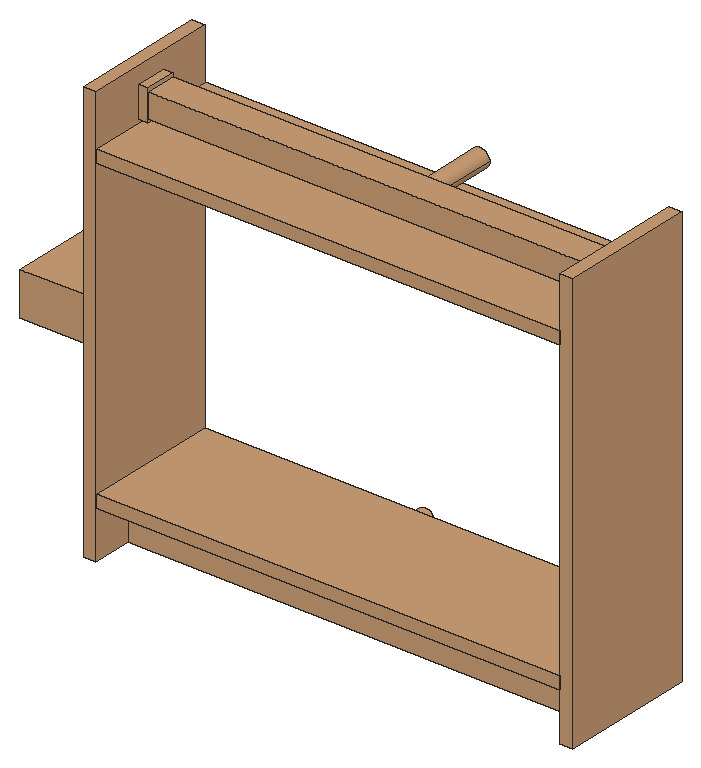
Revit family
Parameters
  Center Of Unit = 0' - 0"  # constant formula
  Water Pressure Drop [instance] = 0.00 psi
  Water Flow [instance] = 0 GPM
  Unit Weight (lbs) = 707
  URL = "http://www.ljwing.com/"
  Water Outlet Radius = 0' - 1 1/2"
  Water Outlet Odd sizes = 0' - 5 23/64"
  Total Heating Capacity [instance] = 0.0 Btu/h
  Temperature Rise [instance] = 0 °F
  Series = "VIFB"
  Outlet Area = 25.00 SF
  Number of Rows = 1  # constant formula
  Number of Coils [instance] = 0
  Nominal Length = 6' - 7 1/16"
  Model = "VC-7"
  Manufacturer = "LJ Wing"
  Leaving Water Temperature [instance] = 0 °F
  Leaving Air Temperature [instance] = 0 °F
  Face Velocity (FPM) [instance] = 0
  Entering Water Temperature [instance] = 0 °F
  Entering Air Temperature [instance] = 0 °F
  Description = "Vertical Integral Face & Bypass Water Heating Coils"
  Hot Water Odd Sizes = 0' - 5 23/64"
  Hot Water Inlet Offset = 0' - 4 3/8"  # constant formula
  Hot Water Inlet  Radius = 0' - 1 1/2"
  Coil Face Area = Outlet Area * 0.56  # 14.00 SF
  Casing Material = ""
  Assembly Code = "D3020300"
  Air Pressure Drop [instance] = 0.00 in-wg
  Air Inlet Width = Nominal Length - 0' 4"  # 6' - 3 1/16"
  Air Inlet Height = Y  # 4' - 0"
  Air Flow [instance] = 0 CFM
  Z = 0' - 2 1/8"
  Y = 4' - 0"
  S = 0' - 9 3/4"
  Product URL = "http://www.ljwing.com/html/vifb.asp"
  OmniClass = "23-75 70 21 14"
  Nominal Height = 5' - 8"
  Nominal Depth = 1' - 10"
  R = 0' - 10 1/4"
  Q = 0' - 3 17/32"
  P = 0' - 5 1/8"
  L = 0' - 5 15/16"
Reference planes (in)
  plane 1 "Center (Front/Back)": y = 0
  plane 2: z = -24
  plane 3 "Center (Left/Right)": x = 0
  plane 4: z = 34.25
  plane 5: x = -39.53125
  plane 6: x = 39.53125
  plane 7: z = -33.75
  plane 8: z = 0
  plane 9: y = -11
  plane 10: y = 11
  plane 11: z = 24
  plane 12: z = 26
  plane 13: z = -26
  plane 14: x = 37.53125
  plane 15: x = -37.53125
  plane 16: z = 29.125
  plane 17: z = -27.8125
  plane 18: x = -36
  plane 19: x = 36
  plane 20: y = 13.125
  plane 21: y = 15.375
  plane 22: x = -50.53125
  plane 23: x = 5.35938
  plane 24: x = -5.35937
  plane 25: z = 31.125
  plane 26: z = 27.125
  plane 27: y = -2.5
  plane 28: y = 2.5
  plane 29: y = -4.5
Forms (in)
  Extrusion 1, solid, material "Painted Finish"
    sketch origin (0, 6, -9.75) x (1, 0, 0) y (0, 0, 1)
      loop
        line (-39.53125, -24) -> (-37.53125, -24) -> (-37.53125, 44) -> (-39.53125, 44) -> (-39.53125, -24)
      loop
        line (39.53125, -24) -> (39.53125, 44) -> (37.53125, 44) -> (37.53125, -24) -> (39.53125, -24)
    from -5 to 17
  Extrusion 2, solid, material "Painted Finish"
    sketch origin (0, 6, 0) x (1, 0, 0) y (0, 0, 1)
      loop
        line (37.53125, -24) -> (-37.53125, -24) -> (-37.53125, -26) -> (37.53125, -26) -> (37.53125, -24)
      loop
        line (37.53125, 24) -> (37.53125, 26) -> (-37.53125, 26) -> (-37.53125, 24) -> (37.53125, 24)
    from -5 to 17
  Extrusion 3, solid, material "Painted Finish"
    sketch origin (0, 10, -0.5) x (1, 0, 0) y (0, 0, 1)
      loop
        line (-39.53125, 4) -> (-50.53125, 4) -> (-50.53125, -3) -> (-39.53125, -3) -> (-39.53125, 4)
    from 0 to 20
  Extrusion 4, solid, material "Painted Finish"
    sketch origin (0, 6, 0) x (1, 0, 0) y (0, 0, 1)
      loop
        line (-35.90625, 31.125) -> (-35.90625, 27.125) -> (35.90625, 27.125) -> (35.90625, 31.125) -> (-35.90625, 31.125)
    from 3.5 to 8.5
  Extrusion 5, solid, material "Painted Finish"
    sketch origin (0, 0, 0) x (1, 0, 0) y (0, 0, 1)
      loop
        line (-35.90625, 26.625) -> (-35.90625, 31.625) -> (-37.53125, 31.625) -> (-37.53125, 26.625) -> (-35.90625, 26.625)
      loop
        line (37.53125, 26.625) -> (37.53125, 31.625) -> (35.90625, 31.625) -> (35.90625, 26.625) -> (37.53125, 26.625)
    from -2.5 to 2.5
  Extrusion 6, solid, material "Painted Finish"
    sketch origin (0, 23, 0) x (1, 0, 0) y (0, 0, 1)
      loop
        circle (5.35938, 29.125) r 1.5
    from 9.875 to 20.5
  Extrusion 7, solid, material "Painted Finish"
    sketch origin (0, 6, 0) x (1, 0, 0) y (0, 0, 1)
      loop
        line (-37.53125, -26) -> (-37.53125, -33.75) -> (37.53125, -33.75) -> (37.53125, -26) -> (-37.53125, -26)
    from -5 to 10.5
  Extrusion 8, solid, material "Painted Finish"
    sketch origin (0, 23, 0) x (1, 0, 0) y (0, 0, 1)
      loop
        circle (-5.35937, -27.8125) r 1.5
    from 7.625 to 12
  Extrusion 9, void
    sketch origin (0, 0, 0) x (1, 0, 0) y (0, 0, 1)
      loop
        line (-37.53125, 24) -> (-37.53125, -24) -> (37.53125, -24) -> (37.53125, 24) -> (-37.53125, 24)
    from -11 to 11
Cuts and joins
  Extrusion 9 cuts Extrusion 1
  Extrusion 9 cuts Extrusion 2
Dimensions and locks (in)
  "Nominal Length": plane 6 to plane 5
  equal spacing: plane 6, plane 3 "Center (Left/Right)", plane 5
  "S": plane 2 to plane 7
  "Nominal Depth": plane 10 to plane 9
  equal spacing: plane 10, plane 1 "Center (Front/Back)", plane 9
  "Y": plane 11 to plane 2
  "R": plane 4 to plane 11
  locked: plane 12 to plane 11 at 2
  locked: plane 2 to plane 13 at 2
  "P": plane 4 to plane 16
  "L": plane 17 to plane 7
  "Q": plane 18 to plane 5
  "Q": plane 6 to plane 19
  "Z": plane 20 to plane 10
  "Hot Water Inlet Offset": plane 21 to plane 10
  locked: plane 5 to plane 22 at 11
  locked: Extrusion 3 sketch curve to Extrusion 3 sketch curve at 7
  locked: Extrusion 3 to Extrusion 3 at 20
  locked: plane 6 to plane 14 at 2
  locked: plane 15 to plane 5 at 2
  "Water Outlet Odd sizes": plane 23 to plane 3 "Center (Left/Right)"
  "Hot Water Odd Sizes": plane 3 "Center (Left/Right)" to plane 24
  equal spacing: plane 25, plane 16, plane 26
  locked: Extrusion 5 sketch curve to plane 25 at 0.5
  locked: plane 26 to Extrusion 5 sketch curve at 0.5
  locked: Extrusion 6 sketch curve to plane 16 at 0
  locked: Extrusion 6 sketch curve to plane 23 at 0
  locked: Extrusion 8 sketch curve to plane 17 at 0
  locked: Extrusion 8 sketch curve to plane 24 at 0
  locked: plane 25 to plane 26 at 4
  locked: plane 28 to plane 27 at 5
  equal spacing: plane 28, plane 1 "Center (Front/Back)", plane 27
  locked: plane 27 to plane 29 at 2
  plane 4 to plane 7 = 5' - 8"
  locked: Extrusion 5 sketch curve to Extrusion 1 at 1.625
  locked: Extrusion 5 sketch curve to Extrusion 5 sketch curve at 1.625
  locked: Extrusion 9 sketch curve to plane 11 at 0
  locked: Extrusion 9 sketch curve to plane 15 at 0
  locked: Extrusion 9 sketch curve to plane 14 at 0
  locked: Extrusion 9 sketch curve to plane 2 at 0
  equal spacing: plane 11, plane 8, plane 2
  "Water Outlet Radius": radius of Extrusion 6 sketch curve
  "Hot Water Inlet  Radius": radius of Extrusion 8 sketch curve
  aligned and locked: Extrusion 1 to plane 9
  aligned and locked: Extrusion 1 to plane 10
  aligned and locked: plane 15 to Extrusion 1
  aligned and locked: Extrusion 1 to plane 14
  aligned and locked: Extrusion 2 to plane 9
  aligned and locked: plane 9 to Extrusion 1
  aligned and locked: plane 10 to Extrusion 1  (x2)
  aligned and locked: Extrusion 2 to plane 10
  aligned and locked: plane 10 to Extrusion 2  (x2)
  aligned and locked: plane 9 to Extrusion 2  (x2)
  aligned and locked: plane 5 to Extrusion 3
  aligned and locked: Extrusion 5 sketch curve to plane 15
  aligned and locked: Extrusion 5 sketch curve to Extrusion 4
  aligned and locked: Extrusion 6 to plane 20
  aligned and locked: Extrusion 1 to Extrusion 7
  aligned and locked: Extrusion 8 to plane 10
  aligned and locked: plane 21 to Extrusion 8
  aligned and locked: plane 27 to Extrusion 5
  aligned and locked: Extrusion 5 to Extrusion 4  (x2)
  aligned and locked: Extrusion 5 to plane 28
  aligned and locked: Extrusion 6 to Extrusion 4
  aligned and locked: Extrusion 7 to plane 29  (x2)
  aligned and locked: Extrusion 8 to Extrusion 7
  aligned and locked: Extrusion 4 to Extrusion 5  (x2)
  aligned and locked: Extrusion 5 to Extrusion 1  (x2)
  aligned and locked: plane 2 to Extrusion 2
  aligned and locked: plane 6 to Extrusion 1 sketch curve
  aligned and locked: plane 14 to Extrusion 1 sketch curve
  aligned and locked: Extrusion 1 sketch curve to plane 15
  aligned and locked: Extrusion 1 sketch curve to plane 5
  aligned and locked: plane 7 to Extrusion 1 sketch curve  (x2)
  aligned and locked: Extrusion 1 sketch curve to plane 4  (x2)
  aligned and locked: Extrusion 2 sketch curve to plane 11
  aligned and locked: Extrusion 2 sketch curve to plane 12
  aligned and locked: Extrusion 2 sketch curve to plane 14  (x2)
  aligned and locked: Extrusion 2 sketch curve to plane 15  (x2)
  aligned and locked: Extrusion 2 sketch curve to plane 13
  aligned and locked: plane 2 to Extrusion 2 sketch curve
  aligned and locked: plane 13 to Extrusion 7 sketch curve
  aligned and locked: Extrusion 7 sketch curve to plane 7
  aligned and locked: Extrusion 7 sketch curve to plane 14
  aligned and locked: plane 15 to Extrusion 7 sketch curve
  aligned and locked: cut or joined group of Extrusion 1, Extrusion 9 to plane 10
  aligned and locked: Extrusion 8 to plane 21
Automatic sketch dimensions
  Extrusion 3 sketch curve to plane 22 = 0' - 0"
  Extrusion 3 sketch curve to plane 5 = 0' - 0"
  plane 8 to Extrusion 3 sketch curve = 0' - 3 1/2"
  Extrusion 4 sketch curve to plane 25 = 0' - 0"
  Extrusion 4 sketch curve to plane 26 = 0' - 0"
  plane 18 to Extrusion 4 sketch curve = 0' - 0 3/32"
  Extrusion 4 sketch curve to plane 19 = 0' - 0 3/32"
  plane 26 to Extrusion 5 sketch curve = 0' - 0 1/2"
  Extrusion 5 sketch curve to plane 25 = 0' - 0 1/2"
Connectors (in)
  hvac at (0, -11, 0), driven by "Air Inlet Height", driven by "Air Inlet Width", driven by "Air Flow", driven by "Air Pressure Drop"
    settings: on Extrusion 9, index 1
  hvac at (0, 11, 0), driven by "Air Pressure Drop", driven by "Air Inlet Height", driven by "Air Inlet Width", driven by "Air Flow"
    settings: on Extrusion 9, index 2
  piping at (5.35938, 13.125, 29.125), driven by "Water Flow", driven by "Water Outlet Radius", driven by "Water Pressure Drop"
    settings: on Extrusion 6, index 3
  piping at (-5.35937, 15.375, -27.8125), driven by "Water Flow", driven by "Water Pressure Drop", driven by "Hot Water Inlet  Radius"
    settings: on Extrusion 8, index 4
